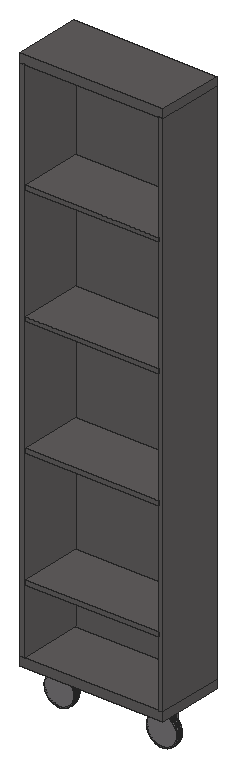
Revit family "Storage-Teknion-PCLG_Literatura_Glider_Shelf-R2015", category Furniture, Revit 2015
Parameters (values of type "75" High")
  Warranty = "http://www.teknion.com/ca/papers/legal-canada"
  Unit Weight URL = "http://www.teknion.com/ca/tools/assets#&asset=bee6a381-b954-425e-8283-5a2de3a804f2,f828d448-4b62-4231-9e5f-9a8991c0ed77"
  URL = "www.teknion.com"
  Sustainability Data = "http://www.teknion.com/ca/tools/assets#&topic=216f99a5-57a0-44fc-b10a-9dee9b29ae4c&asset=444deb64-fe58-4b68-981e-f75e97781df7"
  Series = "Punt"  # constant formula
  Product Page URL = "https://www.teknion.com/ca/products/product-details?productlineid=13efbb6e-8e7a-673b-a6c8-ff05004460c4"
  Product Line = "Punt"  # constant formula
  Product Documentation Link = "https://d2r72yk5wmppdj.cloudfront.net/m/6d514eff6f2d8621/original/PUNT-Sell-Sheet.pdf"
  Part Number = "PCLG"  # constant formula
  Model = "PCLG75"
  Manufacturer Phone = "416-661-3370"  # constant formula
  Manufacturer Fax = "416.661.4586"  # constant formula
  Manufacturer Contact Information = "http://www.teknion.com/ca/contactus"
  Manufacturer Address = "1150 Flint Road, Toronto, ON. M3J 2J5. Canada"  # constant formula
  Manufacturer = "Teknion"  # constant formula
  Height = 73.048"
  Finish [instance] = Wood - Teknion - PWD - Dark Stained Walnut
  Description = "Literatura Glider Shelf, 75\" Height"
  Default Elevation = 48.000"
  Assembly Code = "E2020200"
  75" Top Shelves Visibility = yes
Types (3): name | Model | Height | Description | 75" Top Shelves Visibility
  (no name) | "PCLG75" | 73.048" | "Literatura Glider Shelf, 75\" Height" | yes
  75" High | "PCLG75" | 73.048" | "Literatura Glider Shelf, 75\" Height" | yes
  46" High | "PCLG46" | 44.505" | "Literatura Glider Shelf, 46\" Height" | no
Reference planes (in)
  plane 1 "Center Front/Back": y = 0
  plane 2: z = 0
  plane 3 "Center Left/Right": x = 0
  plane 4 "Left": x = -8.85827
  plane 5 "Right": x = 8.85827
  plane 6 "Back": y = 4.13265
  plane 7 "Front": y = -4.13386
  plane 8 "Top": z = 73.048
  plane 9: z = 5.07939
  plane 10: z = 6.11876
  plane 11: z = 72.00863
  plane 12: z = 4.88254
  plane 13: z = 14.5223
  plane 14: z = 29.1286
  plane 15: z = 43.7349
  plane 16: z = 58.3412
  plane 17: x = -8.3189
  plane 18: x = 8.3189
  plane 19: y = 3.73895
  plane 20: y = 4.01454
  plane 21: x = -7.14567
  plane 22: x = -5.57087
  plane 23: x = 5.57087
  plane 24: x = 7.14567
  plane 25: y = 2.04604
  plane 26: y = 0.1169
  plane 27: y = 0.31496
  plane 28: z = 1.14232
  plane 29: x = 4.43003
  plane 30: x = 8.28914
  plane 31: y = -0.82404
Forms (in)
  Extrusion 1, solid, material "Wood - Teknion - PWD - Dark Stained Walnut" <- "Finish"
    sketch origin (0, 0, 0) x (1, 0, 0) y (0, 1, 0)
      loop
        line (-8.85827, 4.13265) -> (-8.85827, -4.13386) -> (-8.3189, -4.13386) -> (-8.3189, 4.13265) -> (-8.85827, 4.13265)
      loop
        line (8.3189, 4.13265) -> (8.3189, -4.13386) -> (8.85827, -4.13386) -> (8.85827, 4.13265) -> (8.3189, 4.13265)
    from 6.11876 to 72.00863
  Extrusion 2, solid, material "Wood - Teknion - PWD - Dark Stained Walnut" <- "Finish"
    sketch origin (0, 0, 0) x (1, 0, 0) y (0, 1, 0)
      loop
        line (-8.85827, 4.13265) -> (-8.85827, -4.13386) -> (8.85827, -4.13386) -> (8.85827, 4.13265) -> (-8.85827, 4.13265)
    from 72.00863 to 73.048
  Extrusion 3, solid, material "Wood - Teknion - PWD - Dark Stained Walnut" <- "Finish"
    sketch origin (0, 0, 0) x (1, 0, 0) y (0, 0, 1)
      loop
        line (-8.3189, 14.79199) -> (-8.3189, 14.25262) -> (8.3189, 14.25262) -> (8.3189, 14.79199) -> (-8.3189, 14.79199)
    from -3.73895 to 4.13386
  Extrusion 4, solid, material "Wood - Teknion - PWD - Dark Stained Walnut" <- "Finish"
    sketch origin (0, 0, 14.6063) x (1, 0, 0) y (0, 0, 1)
      loop
        line (-8.3189, 14.79199) -> (-8.3189, 14.25262) -> (8.3189, 14.25262) -> (8.3189, 14.79199) -> (-8.3189, 14.79199)
    from -3.73895 to 4.13386
  Extrusion 5, solid, material "Wood - Teknion - PWD - Dark Stained Walnut" <- "Finish", visible <- "75" Top Shelves Visibility"
    sketch origin (0, 0, 29.2126) x (1, 0, 0) y (0, 0, 1)
      loop
        line (-8.3189, 14.79199) -> (-8.3189, 14.25262) -> (8.3189, 14.25262) -> (8.3189, 14.79199) -> (-8.3189, 14.79199)
    from -3.73895 to 4.13386
  Extrusion 6, solid, material "Wood - Teknion - PWD - Dark Stained Walnut" <- "Finish", visible <- "75" Top Shelves Visibility"
    sketch origin (0, 0, 43.8189) x (1, 0, 0) y (0, 0, 1)
      loop
        line (-8.3189, 14.79199) -> (-8.3189, 14.25262) -> (8.3189, 14.25262) -> (8.3189, 14.79199) -> (-8.3189, 14.79199)
    from -3.73895 to 4.13386
  Extrusion 7, solid, material "Wood - Teknion - PWD - Dark Stained Walnut" <- "Finish"
    sketch origin (0, 0, 0) x (1, 0, 0) y (0, 0, 1)
      loop
        line (-8.85827, 6.11876) -> (-8.85827, 5.07939) -> (8.85827, 5.07939) -> (8.85827, 6.11876) -> (-8.85827, 6.11876)
    from -4.13265 to 4.13386
  Extrusion 8, solid, material "Paint - Teknion - PPB -  Black Painted"
    sketch origin (-8.85827, 0, 0) x (0, 1, 0) y (0, 0, 1)
      loop
        line (2.04604, 4.88254) -> (2.04604, 5.07939) -> (0.1169, 5.07939) -> (0.1169, 1.14232) -> (0.31496, 1.14232) -> (0.31496, 4.88254) -> (2.04604, 4.88254)
    from 1.7126 to 3.2874
  Extrusion 9, void
    sketch origin (0, 0, 0) x (1, 0, 0) y (0, 0, 1)
      loop
        line (-7.14567, 1.91479) -> (-7.14567, 1.14232) -> (-6.37314, 1.14232)
        arc (-6.37314, 1.14232) -> (-6.91723, 1.37072) -> (-7.14567, 1.91479) r 0.78
    from -2.04604 to -0.1169
  Extrusion 10, void
    sketch origin (-12.74629, 0, 0) x (-1, 0, 0) y (0, 0, -1)
      loop
        arc (-7.17542, -1.91479) -> (-6.94698, -1.37072) -> (-6.40289, -1.14232) r 0.78
        line (-6.40289, -1.14232) -> (-7.17542, -1.14232) -> (-7.17542, -1.91479)
    from -2.04604 to -0.1169
  Extrusion 11, void
    sketch origin (0, 0, 0) x (-1, 0, 0) y (0, 0, -1)
      loop
        arc (-7.14567, -1.91479) -> (-6.91723, -1.37072) -> (-6.37314, -1.14232) r 0.78
        line (-6.37314, -1.14232) -> (-7.14567, -1.14232) -> (-7.14567, -1.91479)
    from -2.04604 to -0.1169
  Extrusion 12, void
    sketch origin (12.74629, 0, 0) x (1, 0, 0) y (0, 0, 1)
      loop
        line (-7.17542, 1.91479) -> (-7.17542, 1.14232) -> (-6.40289, 1.14232)
        arc (-6.40289, 1.14232) -> (-6.94698, 1.37072) -> (-7.17542, 1.91479) r 0.78
    from -2.04604 to -0.1169
  Extrusion 13, solid, material "Paint - Teknion - PPB -  Black Painted"
    sketch origin (8.85827, 0, 0) x (0, 1, 0) y (0, 0, -1)
      loop
        line (2.04604, -4.88254) -> (0.31496, -4.88254) -> (0.31496, -1.14232) -> (0.1169, -1.14232) -> (0.1169, -5.07939) -> (2.04604, -5.07939) -> (2.04604, -4.88254)
    from 1.7126 to 3.2874
  Extrusion 14, solid, material "Wood - Teknion - PWD - Dark Stained Walnut" <- "Finish"
    sketch origin (0, 0, 0) x (1, 0, 0) y (0, 1, 0)
      loop
        line (-8.3189, 4.01454) -> (-8.3189, 3.73895) -> (8.3189, 3.73895) -> (8.3189, 4.01454) -> (-8.3189, 4.01454)
    from 6.11876 to 72.00863
  Extrusion 15, solid, material "Paint - Teknion - PPB -  Black Painted"
    sketch origin (0, -4.13386, 0) x (-1, 0, 0) y (0, 0, -1)
      loop
        circle (-6.35959, -1.92956) r 2
    from -3.70752 to -2.93305
  Sweep 16, void
    path origin (0, 0, 0) x (1, 0, 0) y (0, 0, 1)
      loop
        circle (6.36163, 1.93033) r 1.93033
    profile origin (6.36163, 0, 3.86066) x (0, 0, -1) y (0, -1, 0)
      loop
        arc (0.09577, 0.42634) -> (0.04958, 0.44209) -> (0.02261, 0.48277) r 0.07565
        arc (0.02261, 0.48277) -> (0.00705, 0.54342) -> (0.00181, 0.60581) r 0.3744
        line (0.00181, 0.60581) -> (0.00181, 0.6568)
        arc (0.00181, 0.6568) -> (0.01591, 0.69673) -> (0.04862, 0.72365) r 0.079
        arc (0.04862, 0.72365) -> (0.11647, 0.82792) -> (0.04862, 0.9322) r 0.11406
        arc (0.04862, 0.9322) -> (0.01454, 0.96123) -> (0.00181, 1.00414) r 0.07869
        arc (0.00181, 1.00414) -> (0.00701, 1.07506) -> (0.02249, 1.14446) r 0.4863
        arc (0.02249, 1.14446) -> (0.04957, 1.1851) -> (0.0958, 1.20081) r 0.07585
        line (0.0958, 1.20081) -> (-0.13445, 1.20081) -> (-0.13445, 0.42634) -> (0.09577, 0.42634)
  Extrusion 17, solid, material "Paint - Teknion - PPB -  Black Painted"
    sketch origin (0, -4.13386, 0) x (1, 0, 0) y (0, 0, 1)
      loop
        circle (-6.35959, 1.92956) r 2
    from -3.70752 to -2.93305
  Sweep 18, void
    path origin (0, 0, 0) x (-1, 0, 0) y (0, 0, 1)
      loop
        circle (6.36163, 1.93033) r 1.93033
    profile origin (-6.36163, 0, 3.86066) x (0, 0, 1) y (0, -1, 0)
      loop
        line (-0.09577, 0.42634) -> (0.13445, 0.42634) -> (0.13445, 1.20081) -> (-0.0958, 1.20081)
        arc (-0.0958, 1.20081) -> (-0.04957, 1.1851) -> (-0.02249, 1.14446) r 0.07585
        arc (-0.02249, 1.14446) -> (-0.00701, 1.07506) -> (-0.00181, 1.00414) r 0.4863
        arc (-0.00181, 1.00414) -> (-0.01454, 0.96123) -> (-0.04862, 0.9322) r 0.07869
        arc (-0.04862, 0.9322) -> (-0.11647, 0.82792) -> (-0.04862, 0.72365) r 0.11406
        arc (-0.04862, 0.72365) -> (-0.01591, 0.69673) -> (-0.00181, 0.6568) r 0.079
        line (-0.00181, 0.6568) -> (-0.00181, 0.60581)
        arc (-0.00181, 0.60581) -> (-0.00705, 0.54342) -> (-0.02261, 0.48277) r 0.3744
        arc (-0.02261, 0.48277) -> (-0.04958, 0.44209) -> (-0.09577, 0.42634) r 0.07565
  Blend 19, solid, material "Paint - Teknion - PPB -  Black Painted"
    base sketch origin (0, -4.13386, 0) x (-1, 0, 0) y (0, 0, -1)
      loop
        circle (6.36163, -1.93033) r 1.85157
    top sketch origin (0, -4.13386, 0) x (-1, 0, 0) y (0, 0, -1)
      loop
        circle (6.36163, -1.93033) r 0.51594
    from -3.70553 to -3.94125
  Blend 20, solid, material "Paint - Teknion - PPB -  Black Painted"
    base sketch origin (0, -4.13386, 0) x (1, 0, 0) y (0, 0, 1)
      loop
        circle (6.36163, 1.93033) r 1.85157
    top sketch origin (0, -4.13386, 0) x (1, 0, 0) y (0, 0, 1)
      loop
        circle (6.36163, 1.93033) r 0.51594
    from -3.70553 to -3.94109
  Extrusion 21, solid, material "Paint - Teknion - PPB -  Black Painted"
    sketch origin (0, -4.13386, 0) x (-1, 0, 0) y (0, 0, -1)
      loop
        circle (-6.36163, -1.93033) r 0.51594
    from -4.11415 to -3.94109
  Extrusion 22, solid, material "Paint - Teknion - PPB -  Black Painted"
    sketch origin (0, -4.13386, 0) x (-1, 0, 0) y (0, 0, -1)
      loop
        circle (-6.35772, -1.93033) r 0.39439
    from -4.19289 to -4.11415
  Extrusion 23, solid, material "Paint - Teknion - PPB -  Black Painted"
    sketch origin (0, -4.13386, 0) x (1, 0, 0) y (0, 0, 1)
      loop
        circle (-6.36163, 1.93033) r 0.51594
    from -4.11415 to -3.94109
  Extrusion 24, solid, material "Paint - Teknion - PPB -  Black Painted"
    sketch origin (0, -4.13386, 0) x (1, 0, 0) y (0, 0, 1)
      loop
        circle (-6.35772, 1.93033) r 0.39439
    from -4.19289 to -4.11415
Cuts and joins
  Extrusion 9, Extrusion 10, Extrusion 11 cuts Extrusion 8
  Extrusion 11, Extrusion 12 cuts Extrusion 13
  Sweep 16 cuts Extrusion 15
  Sweep 18 cuts Extrusion 17
Lines and regions (in)
  Masking region 1
    outline origin (0, 0, 0) x (1, 0, 0) y (0, 1, 0)
      loop
        line (-8.85827, 4.13265) -> (-8.85827, -4.13386) -> (8.85827, -4.13386) -> (8.85827, 4.13265) -> (-8.85827, 4.13265)
  symbolic lines, style "FurnitureHiddenLines", detail levels medium+fine
    curve 1: line (-8.3189, 4.13265, 0) -> (-8.3189, -4.13386, 0)
    curve 2: line (8.3189, 4.13265, 0) -> (8.3189, -4.13386, 0)
    curve 3: line (8.3189, 3.73895, 0) -> (-8.3189, 3.73895, 0)
    curve 4: line (-8.3189, 4.01454, 0) -> (8.3189, 4.01454, 0)
    curve 5: line (-7.14567, 2.04604, 0) -> (-5.57087, 2.04604, 0)
    curve 6: line (-5.57087, 2.04604, 0) -> (-5.57087, 0.1169, 0)
    curve 7: line (-7.14567, 2.04604, 0) -> (-7.14567, 0.1169, 0)
    curve 8: line (-5.57087, 0.1169, 0) -> (-7.14567, 0.1169, 0)
    curve 9: line (-5.57087, 0.31496, 0) -> (-7.14567, 0.31496, 0)
    curve 34: line (7.14567, 2.04604, 0) -> (5.57087, 2.04604, 0)
    curve 35: line (5.57087, 2.04604, 0) -> (5.57087, 0.1169, 0)
    curve 36: line (7.14567, 2.04604, 0) -> (7.14567, 0.1169, 0)
    curve 37: line (5.57087, 0.1169, 0) -> (7.14567, 0.1169, 0)
    curve 38: line (5.57087, 0.31496, 0) -> (7.14567, 0.31496, 0)
  symbolic lines, style "FurnitureHiddenLines", detail levels fine
    curve 10: line (-5.84569, -0.01971, 0) -> (-6.87756, -0.01971, 0)
    curve 11: line (-6.87756, -0.01971, 0) -> (-6.87756, -0.19276, 0)
    curve 12: line (-5.84569, -0.19276, 0) -> (-5.84569, -0.01971, 0)
    curve 13: line (-5.96333, 0.05903, 0) -> (-6.75211, 0.05903, 0)
    curve 14: line (-6.75211, 0.05903, 0) -> (-6.75211, -0.01971, 0)
    curve 15: line (-5.96333, 0.05903, 0) -> (-5.96333, -0.01971, 0)
    curve 16: line (-5.84569, -0.19276, 0) -> (-4.51006, -0.42833, 0)
    curve 17: arc (-4.51006, -0.42833, 0) -> (-4.47363, -0.44693, 0) -> (-4.45391, -0.48277, 0) r 0.06973
    curve 18: arc (-4.45391, -0.48277, 0) -> (-4.43476, -0.56874, 0) -> (-4.43311, -0.6568, 0) r 0.44023
    curve 19: arc (-4.43311, -0.6568, 0) -> (-4.4433, -0.69006, 0) -> (-4.46646, -0.71603, 0) r 0.08129
    curve 20: arc (-4.46646, -0.71603, 0) -> (-4.54752, -0.82404, 0) -> (-4.47303, -0.9367, 0) r 0.1172
    curve 21: arc (-4.47303, -0.9367, 0) -> (-4.44067, -0.97051, 0) -> (-4.43371, -1.0168, 0) r 0.07741
    curve 22: arc (-4.43371, -1.0168, 0) -> (-4.43934, -1.08132, 0) -> (-4.45379, -1.14446, 0) r 0.47028
    curve 23: arc (-4.45379, -1.14446, 0) -> (-4.48067, -1.18491, 0) -> (-4.52656, -1.20081, 0) r 0.07594
    curve 24: line (-5.84569, -0.19276, 0) -> (-6.87756, -0.19276, 0)
    curve 25: line (-6.87756, -0.19276, 0) -> (-8.2132, -0.42833, 0)
    curve 26: arc (-8.2132, -0.42833, 0) -> (-8.24963, -0.44693, 0) -> (-8.26935, -0.48277, 0) r 0.06973
    curve 27: arc (-8.26935, -0.48277, 0) -> (-8.2885, -0.56874, 0) -> (-8.29015, -0.6568, 0) r 0.44023
    curve 28: arc (-8.29015, -0.6568, 0) -> (-8.27996, -0.69006, 0) -> (-8.2568, -0.71603, 0) r 0.08129
    curve 29: arc (-8.2568, -0.71603, 0) -> (-8.17574, -0.82404, 0) -> (-8.25022, -0.9367, 0) r 0.1172
    curve 30: arc (-8.25022, -0.9367, 0) -> (-8.28259, -0.97051, 0) -> (-8.28955, -1.0168, 0) r 0.07741
    curve 31: arc (-8.28955, -1.0168, 0) -> (-8.28392, -1.08132, 0) -> (-8.26947, -1.14446, 0) r 0.47028
    curve 32: arc (-8.26947, -1.14446, 0) -> (-8.24259, -1.18491, 0) -> (-8.1967, -1.20081, 0) r 0.07594
    curve 33: line (-8.1967, -1.20081, 0) -> (-4.52656, -1.20081, 0)
    curve 39: line (5.84569, -0.01971, 0) -> (6.87756, -0.01971, 0)
    curve 40: line (6.87756, -0.01971, 0) -> (6.87756, -0.19276, 0)
    curve 41: line (5.84569, -0.19276, 0) -> (5.84569, -0.01971, 0)
    curve 42: line (5.96333, 0.05903, 0) -> (6.75211, 0.05903, 0)
    curve 43: line (6.75211, 0.05903, 0) -> (6.75211, -0.01971, 0)
    curve 44: line (5.96333, 0.05903, 0) -> (5.96333, -0.01971, 0)
    curve 45: line (5.84569, -0.19276, 0) -> (4.51006, -0.42833, 0)
    curve 46: arc (4.51006, -0.42833, 0) -> (4.47363, -0.44693, 0) -> (4.45391, -0.48277, 0) r 0.06973
    curve 47: arc (4.45391, -0.48277, 0) -> (4.43476, -0.56874, 0) -> (4.43311, -0.6568, 0) r 0.44023
    curve 48: arc (4.43311, -0.6568, 0) -> (4.4433, -0.69006, 0) -> (4.46646, -0.71603, 0) r 0.08129
    curve 49: arc (4.46646, -0.71603, 0) -> (4.54752, -0.82404, 0) -> (4.47303, -0.9367, 0) r 0.1172
    curve 50: arc (4.47303, -0.9367, 0) -> (4.44067, -0.97051, 0) -> (4.43371, -1.0168, 0) r 0.07741
    curve 51: arc (4.43371, -1.0168, 0) -> (4.43934, -1.08132, 0) -> (4.45379, -1.14446, 0) r 0.47028
    curve 52: arc (4.45379, -1.14446, 0) -> (4.48067, -1.18491, 0) -> (4.52656, -1.20081, 0) r 0.07594
    curve 53: line (4.52656, -1.20081, 0) -> (8.1967, -1.20081, 0)
    curve 54: line (5.84569, -0.19276, 0) -> (6.87756, -0.19276, 0)
    curve 55: line (6.87756, -0.19276, 0) -> (8.2132, -0.42833, 0)
    curve 56: arc (8.2132, -0.42833, 0) -> (8.24963, -0.44693, 0) -> (8.26935, -0.48277, 0) r 0.06973
    curve 57: arc (8.26935, -0.48277, 0) -> (8.2885, -0.56874, 0) -> (8.29015, -0.6568, 0) r 0.44023
    curve 58: arc (8.29015, -0.6568, 0) -> (8.27996, -0.69006, 0) -> (8.2568, -0.71603, 0) r 0.08129
    curve 59: arc (8.2568, -0.71603, 0) -> (8.17574, -0.82404, 0) -> (8.25022, -0.9367, 0) r 0.1172
    curve 60: arc (8.25022, -0.9367, 0) -> (8.28259, -0.97051, 0) -> (8.28955, -1.0168, 0) r 0.07741
    curve 61: arc (8.28955, -1.0168, 0) -> (8.28392, -1.08132, 0) -> (8.26947, -1.14446, 0) r 0.47028
    curve 62: arc (8.26947, -1.14446, 0) -> (8.24259, -1.18491, 0) -> (8.1967, -1.20081, 0) r 0.07594
Dimensions and locks (in)
  locked: plane 4 "Left" to plane 5 "Right" at 17.71654
  locked: plane 6 "Back" to plane 7 "Front" at 8.26651
  "Height": plane 8 "Top" to level
  locked: plane 8 "Top" to plane 11 at 1.03937
  plane 10 to plane 9 to plane 12 to level = 1.03937" locked, 0.19685" locked, 4.88254" locked
  plane 16 to plane 15 to plane 14 to plane 13 to level = 14.6063" locked, 14.6063" locked, 14.6063" locked, 14.5223" locked
  plane 19 to plane 20 to plane 6 "Back" = 0.27559" locked, 0.11811" locked
  locked: plane 18 to plane 5 "Right" at 0.53937
  locked: plane 4 "Left" to plane 17 at 0.53937
  plane 23 to plane 24 to plane 5 "Right" = 1.5748" locked, 1.7126" locked
  plane 4 "Left" to plane 21 to plane 22 = 1.7126" locked, 1.5748" locked
  plane 25 to plane 27 to plane 26 to plane 7 "Front" = 1.73108" locked, 0.19806" locked, 4.25076" locked
  Extrusion 3 sketch curve to plane 13 to Extrusion 3 sketch curve = 0.26969" locked, 0.26969" locked
  Extrusion 4 sketch curve to plane 14 to Extrusion 4 sketch curve = 0.26969" locked, 0.26969" locked
  Extrusion 5 sketch curve to plane 15 to Extrusion 5 sketch curve = 0.26969" locked, 0.26969" locked
  Extrusion 6 sketch curve to plane 16 to Extrusion 6 sketch curve = 0.26969" locked, 0.26969" locked
  locked: plane 28 to plane 2 at 1.14232
  locked: Extrusion 9 sketch curve to plane 21 at 0.77996
  locked: Extrusion 9 sketch curve to plane 28 at 0.77996
  locked: plane 22 to Extrusion 10 sketch curve at 0.77996
  locked: Extrusion 10 sketch curve to plane 28 at 0.77996
  locked: Extrusion 12 sketch curve to plane 23 at 0.77996
  locked: plane 28 to Extrusion 12 sketch curve at 0.77996
  locked: plane 24 to Extrusion 11 sketch curve at 0.77996
  locked: plane 28 to Extrusion 11 sketch curve at 0.77996
  locked: level to Extrusion 15 sketch curve at 1.92956
  locked: Extrusion 15 sketch curve to plane 5 "Right" at 2.49868
  locked: plane 29 to plane 23 at 1.14083
  locked: plane 24 to plane 30 at 1.14347
  aligned and locked: level to plane 2
  aligned and locked: Extrusion 1 sketch curve to plane 4 "Left"
  aligned and locked: Extrusion 1 sketch curve to plane 17
  aligned and locked: Extrusion 1 sketch curve to plane 6 "Back"  (x2)
  aligned and locked: Extrusion 1 sketch curve to plane 7 "Front"
  aligned and locked: Extrusion 1 sketch curve to plane 18
  aligned and locked: plane 5 "Right" to Extrusion 1 sketch curve
  aligned and locked: plane 7 "Front" to Extrusion 1 sketch curve
  aligned and locked: Extrusion 1 to plane 11
  aligned and locked: Extrusion 1 to plane 10
  aligned and locked: Extrusion 2 sketch curve to plane 4 "Left"
  aligned and locked: Extrusion 2 sketch curve to plane 6 "Back"
  aligned and locked: plane 5 "Right" to Extrusion 2 sketch curve
  aligned and locked: Extrusion 2 sketch curve to plane 7 "Front"
  aligned and locked: Extrusion 2 to plane 8 "Top"
  aligned and locked: Extrusion 2 to plane 11
  aligned and locked: Extrusion 3 sketch curve to plane 18
  aligned and locked: plane 17 to Extrusion 3 sketch curve
  aligned and locked: Extrusion 4 sketch curve to plane 18
  aligned and locked: plane 17 to Extrusion 4 sketch curve
  aligned and locked: plane 17 to Extrusion 5 sketch curve
  aligned and locked: Extrusion 5 sketch curve to plane 18
  aligned and locked: plane 17 to Extrusion 6 sketch curve
  aligned and locked: Extrusion 6 sketch curve to plane 18
  aligned and locked: Extrusion 6 to plane 19
  aligned and locked: Extrusion 5 to plane 19
  aligned and locked: Extrusion 4 to plane 19
  aligned and locked: Extrusion 3 to plane 19
  aligned and locked: plane 7 "Front" to Extrusion 6
  aligned and locked: plane 7 "Front" to Extrusion 5
  aligned and locked: plane 7 "Front" to Extrusion 4
  aligned and locked: plane 7 "Front" to Extrusion 3
  aligned and locked: Extrusion 7 sketch curve to plane 4 "Left"
  aligned and locked: Extrusion 7 sketch curve to plane 10
  aligned and locked: Extrusion 7 sketch curve to plane 9
  aligned and locked: plane 5 "Right" to Extrusion 7 sketch curve
  aligned and locked: Extrusion 7 to plane 6 "Back"
  aligned and locked: Extrusion 7 to plane 7 "Front"
  aligned and locked: plane 25 to Extrusion 8 sketch curve
  aligned and locked: plane 12 to Extrusion 8 sketch curve
  aligned and locked: plane 9 to Extrusion 8 sketch curve
  aligned and locked: plane 26 to Extrusion 8 sketch curve
  aligned and locked: plane 27 to Extrusion 8 sketch curve
  aligned and locked: Extrusion 8 sketch curve to plane 28
  aligned and locked: Extrusion 9 sketch curve to plane 21
  aligned and locked: Extrusion 9 sketch curve to plane 28
  aligned and locked: Extrusion 10 sketch curve to plane 22
  aligned and locked: plane 28 to Extrusion 10 sketch curve
  aligned and locked: plane 25 to Extrusion 10
  aligned and locked: plane 25 to Extrusion 9
  aligned and locked: plane 25 to Extrusion 12
  aligned and locked: Extrusion 11 to plane 25
  aligned and locked: plane 23 to Extrusion 12 sketch curve
  aligned and locked: plane 28 to Extrusion 12 sketch curve
  aligned and locked: Extrusion 11 sketch curve to plane 28
  aligned and locked: plane 24 to Extrusion 11 sketch curve
  aligned and locked: plane 26 to Extrusion 10
  aligned and locked: Extrusion 9 to plane 26
  aligned and locked: plane 28 to Extrusion 13 sketch curve
  aligned and locked: Extrusion 13 sketch curve to plane 27
  aligned and locked: Extrusion 13 sketch curve to plane 26
  aligned and locked: Extrusion 13 sketch curve to plane 12
  aligned and locked: Extrusion 13 sketch curve to plane 9
  aligned and locked: Extrusion 13 sketch curve to plane 25
  aligned and locked: plane 26 to Extrusion 12
  aligned and locked: plane 26 to Extrusion 11
  aligned and locked: Extrusion 14 sketch curve to plane 20
  aligned and locked: Extrusion 14 sketch curve to plane 17
  aligned and locked: Extrusion 14 sketch curve to plane 19
  aligned and locked: Extrusion 14 sketch curve to plane 18
  aligned and locked: plane 11 to Extrusion 14
  aligned and locked: Extrusion 14 to plane 10
  aligned and locked: Extrusion 21 sketch curve to Blend 20  (x2)
  aligned and locked: Masking region 1 sketch curve to plane 4 "Left"
  aligned and locked: Masking region 1 sketch curve to plane 6 "Back"
  aligned and locked: plane 5 "Right" to Masking region 1 sketch curve
  aligned and locked: Masking region 1 sketch curve to plane 7 "Front"
  aligned and locked: curve 1 to plane 17
  aligned and locked: curve 2 to plane 18
  aligned and locked: curve 3 to plane 19
  aligned and locked: curve 4 to plane 20
  aligned and locked: curve 5 to plane 25
  aligned and locked: curve 6 to plane 22
  aligned and locked: curve 7 to plane 21
  aligned and locked: curve 8 to plane 26
  aligned and locked: curve 9 to plane 27
  aligned and locked: curve 10 to Extrusion 23
  aligned and locked: curve 11 to Extrusion 23
  aligned and locked: curve 12 to Extrusion 23
  aligned and locked: curve 13 to Extrusion 24
Automatic sketch dimensions
  plane 21 to Extrusion 9 sketch curve = 0.77253"
  plane 22 to Extrusion 10 sketch curve = 0.77253"
  plane 24 to Extrusion 11 sketch curve = 0.77253"
  Extrusion 12 sketch curve to Extrusion 12 sketch curve = 0.77253"
  Sweep 16 sketch curve to plane 24 = 0.78404"
  plane 28 to Sweep 16 sketch curve = 0.78801"
  profile plane to Sweep 16 sketch curve = 0.13445"
  Sweep 16 sketch curve to profile plane = 0.00181"  (x2)
  Sweep 16 sketch curve to profile plane = 0.00241"
  Sweep 16 sketch curve to profile plane = 0.0805"
  Sweep 16 sketch curve to Sweep 16 sketch curve = 0.07882"
  Sweep 16 sketch curve to profile plane = 0.09577"
  Sweep 16 sketch curve to profile plane = 0.0958"
  Sweep 16 sketch curve to Sweep 16 sketch curve = 0.28044"
  Sweep 16 sketch curve to Sweep 16 sketch curve = 0.40761"
  plane 1 "Center Front/Back" to Sweep 16 sketch curve = 0.42634"
  Sweep 16 sketch curve to Sweep 16 sketch curve = 0.07565"
  Sweep 16 sketch curve to Sweep 16 sketch curve = 0.10382"
  Sweep 16 sketch curve to Sweep 16 sketch curve = 0.04561"
  Sweep 16 sketch curve to Sweep 16 sketch curve = 0.05098"
  Sweep 16 sketch curve to Sweep 16 sketch curve = 0.17113"
  Sweep 16 sketch curve to Sweep 16 sketch curve = 0.17622"
  Sweep 16 sketch curve to Sweep 16 sketch curve = 0.12082"
  Sweep 16 sketch curve to Sweep 16 sketch curve = 0.19667"
  Sweep 16 sketch curve to Sweep 16 sketch curve = 0.000"  (x3)
  Sweep 16 sketch curve to profile plane = 0.02249"
  plane 21 to Extrusion 17 sketch curve = 0.78608"
  plane 28 to Extrusion 17 sketch curve = 0.78724"
  Sweep 18 sketch curve to plane 21 = 0.78404"
  Sweep 18 sketch curve to plane 28 = 0.78801"
  profile plane to Sweep 18 sketch curve = 0.48811"
  profile plane to Sweep 18 sketch curve = 0.37621"
  profile plane to Sweep 18 sketch curve = 0.0958"
  profile plane to Sweep 18 sketch curve = 0.09577"
  profile plane to Sweep 18 sketch curve = 0.08063"
  profile plane to Sweep 18 sketch curve = 0.0805"
  profile plane to Sweep 18 sketch curve = 0.00241"
  profile plane to Sweep 18 sketch curve = 0.00181"
  Sweep 18 sketch curve to profile plane = 0.13445"
  plane 1 "Center Front/Back" to Sweep 18 sketch curve = 0.42634"
  Sweep 18 sketch curve to Sweep 18 sketch curve = 0.07565"
  Sweep 18 sketch curve to Sweep 18 sketch curve = 0.10382"
  Sweep 18 sketch curve to Sweep 18 sketch curve = 0.04561"
  Sweep 18 sketch curve to Sweep 18 sketch curve = 0.05098"
  Sweep 18 sketch curve to Sweep 18 sketch curve = 0.17113"
  Sweep 18 sketch curve to Sweep 18 sketch curve = 0.17622"
  Sweep 18 sketch curve to Sweep 18 sketch curve = 0.12082"
  Sweep 18 sketch curve to Sweep 18 sketch curve = 0.19667"
  Sweep 18 sketch curve to Sweep 18 sketch curve = 0.000"  (x4)
  profile plane to Sweep 18 sketch curve = 0.02249"
  Blend 19 sketch curve to plane 21 = 0.78404"  (x2)
  Blend 19 sketch curve to plane 28 = 0.78801"  (x2)
  Blend 20 sketch curve to plane 24 = 0.78404"  (x2)
  plane 28 to Blend 20 sketch curve = 0.78801"  (x2)
  Extrusion 22 sketch curve to plane 23 = 0.78686"
  Extrusion 22 sketch curve to plane 28 = 0.78801"
  Extrusion 23 sketch curve to Extrusion 23 sketch curve = 0.000"  (x2)
  plane 21 to Extrusion 23 sketch curve = 0.78404"
  plane 28 to Extrusion 23 sketch curve = 0.78801"
  plane 21 to Extrusion 23 sketch curve = 0.2681"
  Extrusion 24 sketch curve to plane 22 = 0.78686"
  plane 28 to Extrusion 24 sketch curve = 0.78801"
  curve 37 to plane 23 = 0.000"
  curve 36 to plane 24 = 0.000"
  plane 7 "Front" to curve 1 = 0.000"
  plane 7 "Front" to curve 2 = 0.000"
  plane 26 to curve 36 = 0.000"
  plane 27 to curve 38 = 0.000"
  curve 36 to plane 25 = 0.000"
  curve 1 to plane 6 "Back" = 0.000"
  curve 2 to plane 6 "Back" = 0.000"
  plane 17 to curve 29 = 0.02601"
  plane 17 to curve 25 = 0.10569"
  plane 17 to curve 30 = 0.10579"
  plane 17 to curve 28 = 0.10977"
  curve 26 to curve 26 = 0.01211"
  plane 17 to curve 33 = 0.1222"
  curve 32 to curve 32 = 0.00061"
  curve 28 to curve 27 = 0.35775"
  curve 27 to curve 31 = 0.03202"
  curve 10 to curve 13 = 0.12545"
  curve 15 to curve 10 = 0.11764"
  plane 22 to curve 22 = 0.66696"
  curve 22 to curve 18 = 0.03202"
  curve 22 to curve 23 = 0.37674"
  curve 23 to curve 33 = 0.00061"
  curve 18 to curve 17 = 0.34972"
  curve 17 to curve 19 = 0.00804"
  curve 23 to curve 21 = 0.01701"
  plane 1 "Center Front/Back" to curve 16 = 0.42833"
  curve 17 to curve 16 = 0.01211"
  curve 21 to curve 20 = 0.07979"
  plane 29 to curve 49 = 0.00033"
  plane 29 to curve 45 = 0.08002"
  plane 29 to curve 50 = 0.08012"
  plane 29 to curve 48 = 0.0841"
  curve 45 to curve 46 = 0.01211"
  plane 29 to curve 53 = 0.09652"
  curve 52 to curve 52 = 0.00061"
  curve 48 to curve 47 = 0.35775"
  curve 47 to curve 51 = 0.03202"
  plane 23 to curve 45 = 0.27483"
  plane 26 to curve 42 = 0.05787"
  curve 39 to curve 42 = 0.11764"
  curve 42 to plane 24 = 0.39356"
  curve 43 to curve 40 = 0.12545"
  plane 30 to curve 61 = 0.46979"
  curve 61 to curve 57 = 0.03202"
  plane 30 to curve 62 = 0.09305"
  curve 62 to curve 53 = 0.00061"
  plane 30 to curve 56 = 0.08805"
  plane 30 to curve 58 = 0.08002"
  plane 30 to curve 60 = 0.07604"
  curve 56 to curve 55 = 0.01211"
  curve 59 to plane 30 = 0.00375"
  plane 1 "Center Front/Back" to curve 33 = 1.20081"
  plane 1 "Center Front/Back" to curve 53 = 1.20081"
  curve 53 to curve 62 = 0.07594"
  curve 33 to curve 23 = 0.07594"
  curve 52 to curve 52 = 0.07594"
  curve 32 to curve 32 = 0.07594"
  curve 52 to curve 51 = 0.11665"
  curve 23 to curve 22 = 0.11665"
  curve 32 to curve 31 = 0.11665"
  curve 62 to curve 61 = 0.11665"
  curve 32 to curve 30 = 0.12025"
  curve 52 to curve 50 = 0.12025"
  curve 62 to curve 60 = 0.12025"
  curve 23 to curve 21 = 0.12025"
  curve 21 to curve 20 = 0.17709"
  curve 50 to curve 49 = 0.17709"
  curve 30 to curve 29 = 0.17709"
  curve 60 to curve 59 = 0.17709"
  curve 20 to curve 19 = 0.17735"
  curve 59 to curve 58 = 0.17735"
  curve 49 to curve 48 = 0.17735"
  curve 29 to curve 28 = 0.17735"
  curve 48 to curve 47 = 0.02921"
  curve 58 to curve 57 = 0.02921"
  curve 19 to curve 18 = 0.02921"
  curve 28 to curve 27 = 0.02921"
  curve 48 to curve 46 = 0.15319"
  curve 58 to curve 56 = 0.15319"
  curve 17 to curve 16 = 0.06867"
  curve 28 to curve 26 = 0.15319"
  curve 46 to curve 45 = 0.06867"
  curve 56 to curve 55 = 0.06867"
  curve 26 to curve 25 = 0.06867"
  plane 1 "Center Front/Back" to curve 41 = 0.19276"
  curve 25 to curve 10 = 0.17305"
  plane 1 "Center Front/Back" to curve 41 = 0.01971"
  plane 17 to curve 28 = 0.02875"
  curve 27 to curve 28 = 0.000"
  plane 17 to curve 30 = 0.02934"
  plane 17 to curve 32 = 0.04943"
  plane 17 to curve 28 = 0.0621"
  curve 21 to curve 21 = 0.03712"
  curve 19 to curve 19 = 0.04767"
  curve 17 to curve 18 = 0.06826"
  curve 23 to curve 23 = 0.07337"
  curve 21 to curve 22 = 0.07645"
  plane 29 to curve 48 = 0.00308"
  curve 47 to curve 48 = 0.000"
  plane 29 to curve 50 = 0.00367"
  plane 29 to curve 52 = 0.02376"
  plane 29 to curve 49 = 0.03643"
  plane 30 to curve 59 = 0.03892"
  plane 30 to curve 59 = 0.03234"
  plane 30 to curve 57 = 0.01979"
  plane 30 to curve 61 = 0.01968"
  curve 61 to plane 30 = 0.00041"
  radius of Extrusion 15 sketch curve = 2.000"
  radius of Sweep 16 sketch curve = 1.93033"
  radius of Extrusion 17 sketch curve = 2.000"
  radius of Sweep 18 sketch curve = 1.93033"
  radius of Blend 19 sketch curve = 1.85157"
  radius of Blend 19 sketch curve = 0.51594"
  radius of Blend 20 sketch curve = 1.85157"
  radius of Blend 20 sketch curve = 0.51594"
  radius of Extrusion 22 sketch curve = 0.39439"
  radius of Extrusion 24 sketch curve = 0.39439"
